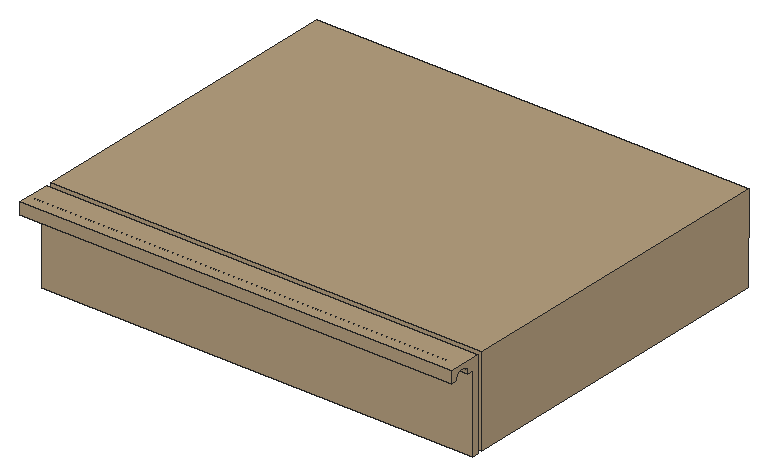
Revit family "Wall_Drawers_BIM", category Arredi, Revit 2023
Family settings
  Numero OmniClass = 23.40.20.00
  Titolo OmniClass = General Furniture and Specialties
  Basato su piano di lavoro = No
  Attiva taglio nelle viste = No
  Sempre verticale = Sì
  Taglio con vuoti quando caricato = No
  Origine composizione di rendering = Geometria famiglia
  Condiviso = No
  Punto di calcolo locali = No
Parameters (values of type "CB-32S")
  WIDTH = 56 cm
  VOID = 0 cm
  URL = "https://bassamfellows.com/"
  UPHOLSTERY MATERIAL = none
  TECHNICAL SHEET = "https://bassamfellows.com/collections/"
  PRODUCT SHEET = "https://www.archiproducts.com/en/products/bassamfellows/wood-wall-drawers-wall-drawers_448126"
  PRODUCT CODE = "CB-32S"
  Modello = "Wall Drawer Single Slim"
  Produttore = "BassamFellows"
  MATERIAL DESCRIPTION = "Solid wood drawer fronts with veneered wood box."  # constant formula
  HEIGHT = 11.5 cm
  Descrizione = "Wood wall drawers"
  Prospetto di default = 0 cm
  DEPTH = 48.2 cm
  COLLECTION = "Wall Drawers"
  BIM USER MANUAL = "https://bimcad.edilportale.com/BASSAMFELLOWS-BIM-USER-MANUAL-BassamFellows-bim.pdf"
  BIM BADGE = "https://bim.archiproducts.com/it/badge/bim-archiproducts-featured_658700/about"
  BIM AUTHOR = "https://bim.archiproducts.com/"
  BASE MATERIAL = BASSAM_FELLOWS_OAK_O-NA
  AVAILABLE FINISHES = "Ebonized black lacquer on Ash (EB) bleached, white pigment, matte acrylic on Ash (BL), Mesa Red aniline dye on Ash (MR), Horizon Blue aniline dye on Ash (HB), Sun Yellow aniline dye on Ash (SY), Sage Green aniline dye on Ash (SG), or custom color aniline dye on Ash (CC). Raw effect lacquer on Oak (RE)."  # constant formula
  AVAILABLE DIMENSIONS = ""
  AVAILABLE COLORS = ""
  ACCESSORIES = ""
Types (4, lengths in cm): name | WIDTH | VOID | PRODUCT CODE | Modello | HEIGHT
  CB-32 | 56 | 0 | "CB-32" | "Wall Drawer Single" | 21
  CB-32L | 112 | 55 | "CB-32L" | "Wall Drawer Double" | 21
  CB-32SL | 112 | 50 | "CB-32SL" | "Wall Drawer Double Slim" | 11.5
  CB-32S | 56 | 0 | "CB-32S" | "Wall Drawer Single Slim" | 11.5
Reference planes (cm)
  plane 1 "Center (Front/Back)": y = 0
  plane 2: z = 0
  plane 3 "Center (Left/Right)": x = 0
  plane 4 "TOP": z = 11.5
  plane 5 "Left": x = -28
  plane 6 "Right": x = 28
  plane 7: y = 24.1
  plane 8: y = -24.1
  plane 9: y = -19.1
Forms (cm)
  Extrusion 1, solid, detail levels medium
    sketch origin (0, 0, 0) x (0, 1, 0) y (0, 0, 1)
      loop
        line (24.1, 11.5) -> (-24.1, 11.5) -> (-24.1, 0) -> (24.1, 0) -> (24.1, 11.5)
    from 28 to -28
  Extrusion 2, solid, material "BASSAM_FELLOWS_OAK_O-NA" <- "BASE MATERIAL", detail levels fine
    sketch origin (0, 0, 0) x (0, 1, 0) y (0, 0, 1)
      loop
        line (24.1, 11.5) -> (-19.1, 11.5) -> (-19.1, 0) -> (24.1, 0) -> (24.1, 11.5)
    from 28 to -28
  Extrusion 3, solid, material "BASSAM_FELLOWS_OAK_O-NA" <- "BASE MATERIAL", detail levels fine
    sketch origin (0, 0, 0) x (0, 1, 0) y (0, 0, 1)
      loop
        line (-20.6, 10) -> (-20.6, 0) -> (-19.8272, 0) -> (-19.8272, 11.5) -> (-24.1, 11.5) -> (-24.1, 10) -> (-23.3794, 10)
        arc (-23.3794, 10) -> (-22.3794, 11) -> (-21.3794, 10) r 1
        line (-21.3794, 10) -> (-20.6, 10)
    from -28 to 28
  Extrusion 4, void
    sketch origin (0, 0, 0) x (1, 0, 0) y (0, 1, 0)
      loop
        line (0.1, -24.3036) -> (0.1, -19.7036) -> (-0.1, -19.7036) -> (-0.1, -24.3036) -> (0.1, -24.3036)
    from -5.5235 to 0 <- "VOID"
Cuts and joins
  Extrusion 4 cuts Extrusion 1
  Extrusion 4 cuts Extrusion 3
Lines and regions (cm)
  symbolic lines, style "Furniture", detail levels coarse
    curve 1: line (-28, 24.1, 0) -> (28, 24.1, 0)
    curve 2: line (-28, -24.1, 0) -> (-28, 24.1, 0)
    curve 3: line (28, -24.1, 0) -> (-28, -24.1, 0)
    curve 4: line (28, 24.1, 0) -> (28, -24.1, 0)
Dimensions and locks (cm)
  "HEIGHT": plane 4 "TOP" to level
  equal spacing: plane 7, plane 1 "Center (Front/Back)", plane 8
  "DEPTH": plane 7 to plane 8
  "WIDTH": plane 5 "Left" to plane 6 "Right"
  equal spacing: plane 5 "Left", plane 3 "Center (Left/Right)", plane 6 "Right"
  Extrusion 3 to plane 6 "Right" = 0 cm
  aligned and locked: level to plane 2
  aligned and locked: plane 4 "TOP" to Extrusion 1 sketch curve
  aligned and locked: plane 7 to Extrusion 1 sketch curve
  aligned and locked: Extrusion 1 sketch curve to level
  aligned and locked: plane 8 to Extrusion 1 sketch curve
  aligned and locked: Extrusion 1 to plane 5 "Left"
  aligned and locked: plane 6 "Right" to Extrusion 1
  aligned and locked: Extrusion 2 sketch curve to Extrusion 1  (x2)
  aligned and locked: Extrusion 2 sketch curve to level
  aligned and locked: plane 9 to Extrusion 2 sketch curve
  aligned and locked: Extrusion 2 to plane 5 "Left"
  aligned and locked: plane 6 "Right" to Extrusion 2
  aligned and locked: Extrusion 3 to plane 5 "Left"
  aligned and locked: plane 6 "Right" to Extrusion 3
Automatic sketch dimensions
  curve 1 to plane 5 "Left" = 0 cm
  curve 4 to plane 6 "Right" = 0 cm
  plane 8 to curve 4 = 0 cm
  curve 4 to plane 7 = 0 cm
  Extrusion 4 sketch curve to plane 3 "Center (Left/Right)" = 0.1 cm
  plane 3 "Center (Left/Right)" to Extrusion 4 sketch curve = 0.1 cm
  plane 8 to Extrusion 4 sketch curve = 0.2036 cm
  plane 9 to Extrusion 4 sketch curve = 0.6036 cm
  Extrusion 3 sketch curve to plane 8 = 0 cm
  Extrusion 3 sketch curve to level = 0 cm
  Extrusion 3 sketch curve to plane 4 "TOP" = 0 cm
  Extrusion 3 sketch curve to plane 8 = 0.7206 cm
  Extrusion 3 sketch curve to Extrusion 3 sketch curve = 1 cm
  plane 9 to Extrusion 3 sketch curve = 1.5 cm
  plane 9 to Extrusion 3 sketch curve = 0.7272 cm
  Extrusion 3 sketch curve to plane 4 "TOP" = 1.5 cm
